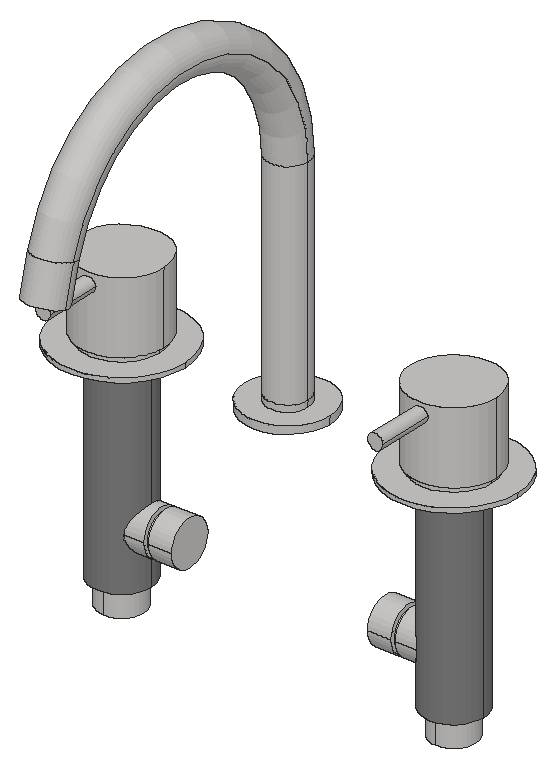
Revit family "KV10", category Generic Models, Revit 2021
Family settings
  Can host rebar = No
  Round Connector Dimension = Use Diameter
  Part Type = Normal
  Work Plane-Based = No
  Always vertical = Yes
  Cut with Voids When Loaded = No
  Shared = No
  Room Calculation Point = No
Parameters (values of type "Standard")
  e-mail = "info@vola.com"
  URL = "http://vola.com"
  Telephone = "+45 7023 5500"
  Quality management standard = "ISO 9001"
  Organisation no. / DUNS no. = "17531328"
  Occupational health and safety management standard = "ISO 18001"
  Mounting Instructions = "http://vola.com/service/producturl.ashx?name=KV10"
  Model = "KV10"
  Materials and components information = "http://vola.com/service/producturl.ashx?name=KV10"
  Manufacturer = "VOLA A/S"
  Maintenance Instructions = "http://vola.com/service/producturl.ashx?name=KV10"
  Guarantee = "2 years"
  Flow = "9,00 l/min"
  Environmental management standard = "ISO 14000"
  Default Elevation = 0.00 mm
  Connection - All relevant connections = "½\" for water connection"
  Approvals = "http://vola.com/service/producturl.ashx?name=KV10"
Reference planes
  plane 1 "Center (Front/Back)": y = 0
  plane 2: z = 0
  plane 3 "Center (Left/Right)": x = 0
Dimensions and locks
  aligned and locked: plane 2 to level
Nested families
  nested 1: "090G" at (0, 0, 0), type "090G"
  nested 2: "S50" at (78, 0, 0), type "S50"
  nested 3: "S50" at (-78, 0, 0) x (-1, 0, 0) z (0, 0, 1), type "S50"
  nested 4: "001" at (-78, 0, 0), type "001"
  nested 5: "001" at (78, 0, 0), type "001"
Connectors
  piping at (-78, 0, -110), diameter 20.9
    settings: on nested 3, index 1, connector inside diameter 0.82283", connector length 0.00 mm, flow factor 0, pipe flow 0 GPM, pressure drop 0.00 psi, fitting loss kfactor 0, connector angle 0.00°, fixture units 0, engagement length 0.00 mm, angle of deflection 0.00°, flow configuration 0, flow direction 1, fitting loss method 0, system type 19, joint type 0, gender type 0, connector reference index -1, connector utility 0, adjustable connector no, is connector primary yes, connector description ""
  piping at (78, 0, -110), diameter 20.9
    settings: on nested 2, index 2, connector inside diameter 0.82283", connector length 0.00 mm, flow factor 0, pipe flow 0 GPM, pressure drop 0.00 psi, fitting loss kfactor 0, connector angle 0.00°, fixture units 0, engagement length 0.00 mm, angle of deflection 0.00°, flow configuration 0, flow direction 1, fitting loss method 0, system type 20, joint type 0, gender type 0, connector reference index -1, connector utility 0, adjustable connector no, is connector primary no, connector description ""
Definition of nested family "090G"
  Parameters
    e-mail = "info@vola.com"
    URL = "http://vola.com"
    Telephone = "+45 7023 5500"
    Quality management standard = "ISO 9001"
    Organisation no. / DUNS no. = "17531328"
    Occupational health and safety management standard = "ISO 18001"
    Mounting Instructions = "http://vola.com/service/producturl.ashx?name=090G"
    Model = "090G"
    Materials and components information = "http://vola.com/service/producturl.ashx?name=090G"
    Manufacturer = "VOLA A/S"
    Maintenance Instructions = "http://vola.com/service/producturl.ashx?name=090G"
    Guarantee = "2 years"
    Environmental management standard = "ISO 14000"
    Default Elevation = 0.00 mm
    Connection - All relevant connections = ""
    Approvals = "http://vola.com/service/producturl.ashx?name=090G"
  Reference planes
    plane 1 "Center (Front/Back)": y = 0
    plane 2: z = 0
    plane 3 "Center (Left/Right)": x = 0
  Forms (mm)
    Sweep 1, solid
      path origin (0, 0, 0) x (0, 1, 0) y (0, 0, 1)
        loop
          arc (-137.281, 124.773) -> (-60.715, 175.933) -> (0, 106.7) r 69.83
          line (0, 106.7) -> (0, 6.5)
      profile origin (0, 0, 56.6) x (1, 0, 0) y (0, 1, 0)
        loop
          circle (0, 0) r 9.5
    Extrusion 2, solid
      sketch origin (0, 0, 0) x (1, 0, 0) y (0, 1, 0)
        loop
          circle (0, 0) r 20
      from 0 to 3.5
    Extrusion 3, solid
      sketch origin (0, 0, 3.5) x (1, 0, 0) y (0, 1, 0)
        loop
          circle (0, 0) r 9.5
      from 0 to 3
    Extrusion 4, solid
      sketch origin (0, -137.281, 124.773) x (0, 0.965926, -0.258819) y (1, 0, 0)
        loop
          circle (0, 0) r 9.5
      from 0 to 18.5
  Cuts and joins
    joined: Sweep 1, Extrusion 2
  Dimensions and locks
    aligned and locked: plane 2 to level
Definition of nested family "S50"
  Parameters
    e-mail = "info@vola.com"
    URL = "http://vola.com"
    Telephone = "+45 7023 5500"
    Quality management standard = "ISO 9001"
    Organisation no. / DUNS no. = "17531328"
    Occupational health and safety management standard = "ISO 18001"
    Mounting Instructions = "http://vola.com/service/producturl.ashx?name=S50"
    Model = "S50"
    Materials and components information = "http://vola.com/service/producturl.ashx?name=S50"
    Manufacturer = "VOLA A/S"
    Maintenance Instructions = "http://vola.com/service/producturl.ashx?name=S50"
    Guarantee = "2 years"
    Flow = "32,00 l/min"
    Environmental management standard = "ISO 14000"
    Default Elevation = 0.00 mm
    Connection - All relevant connections = "½\" for water connection"
    Approvals = "http://vola.com/service/producturl.ashx?name=S50"
  Reference planes
    plane 1 "Center (Front/Back)": y = 0
    plane 2: z = 0
    plane 3 "Center (Left/Right)": x = 0
  Forms (mm)
    Extrusion 1, solid
      sketch origin (0, 0, 2) x (1, 0, 0) y (0, 1, 0)
        loop
          circle (0, 0) r 18
      from 0 to 3
    Extrusion 2, solid
      sketch origin (0, 0, 5) x (1, 0, 0) y (0, 1, 0)
        loop
          circle (0, 0) r 20
      from 0 to 33.5
    Extrusion 3, solid
      sketch origin (0, 0, -1.25) x (1, 0, 0) y (0, 0, 1)
        loop
          circle (0, 34.5) r 3.5
      from 0 to 46
    Extrusion 4, solid
      sketch origin (0, 0, 0) x (1, 0, 0) y (0, 1, 0)
        loop
          circle (0, 0) r 14
      from 2 to -98
    Extrusion 5, solid
      sketch origin (0, 0, -98) x (0, 1, 0) y (1, 0, 0)
        loop
          circle (0, 0) r 9
      from 0 to 2
    Extrusion 6, solid
      sketch origin (0, 0, -100) x (-1, 0, 0) y (0, 1, 0)
        loop
          circle (0, 0) r 10.45
      from 10 to 0
    Extrusion 7, solid
      sketch origin (0, 0, 25) x (0, 1, 0) y (0, 0, 1)
        loop
          circle (0, -98) r 10.5
      from -19 to 0
    Extrusion 8, solid
      sketch origin (-19, 0, 25) x (0, -1, 0) y (0, 0, 1)
        loop
          circle (0, -98) r 9
      from 2 to 0
    Extrusion 9, solid
      sketch origin (-21, 0, 25) x (0, -1, 0) y (0, 0, 1)
        loop
          circle (0, -98) r 10.45
      from 11 to 0
    Extrusion 10, void
      sketch origin (0, 0, -98) x (1, 0, 0) y (0, 1, 0)
        loop
          circle (0, 0) r 14
      from 41.193 to 9.651
  Cuts and joins
    joined: Extrusion 2, Extrusion 3
    Extrusion 10 cuts Extrusion 5
    Extrusion 10 cuts Extrusion 7
  Lines and regions (mm)
    reference lines
      curve 1: line (0, 0, -110) -> (0, 0, -140)
      curve 2: line (-32, 0, -73) -> (-62, 0, -73)
    model lines
      curve 3: line (6.05, 19.063, 38.5) -> (6.05, -19.063, 38.5)
      curve 4: line (-6.05, -19.063, 38.5) -> (-6.05, 19.063, 38.5)
  Dimensions and locks
    aligned and locked: plane 2 to level
Definition of nested family "001"
  Parameters
    e-mail = "info@vola.com"
    URL = "http://vola.com"
    Telephone = "+45 7023 5500"
    Quality management standard = "ISO 9001"
    Organisation no. / DUNS no. = "17531328"
    Occupational health and safety management standard = "ISO 18001"
    Mounting Instructions = "http://vola.com/service/producturl.ashx?name=001"
    Model = "001"
    Materials and components information = "http://vola.com/service/producturl.ashx?name=001"
    Manufacturer = "VOLA A/S"
    Maintenance Instructions = "http://vola.com/service/producturl.ashx?name=001"
    Guarantee = "2 years"
    Environmental management standard = "ISO 14000"
    Default Elevation = 1219.20 mm
    Connection - All relevant connections = ""
    Approvals = "http://vola.com/service/producturl.ashx?name=001"
  Reference planes
    plane 1 "Center (Front/Back)": y = 0
    plane 2: z = 0
    plane 3 "Center (Left/Right)": x = 0
  Forms (mm)
    Extrusion 1, solid
      sketch origin (0, 0, 0) x (1, 0, 0) y (0, 1, 0)
        loop
          circle (0, 0) r 16.5
        loop
          circle (0, 0) r 30
      from 0 to 2
  Dimensions and locks
    aligned and locked: plane 2 to level
